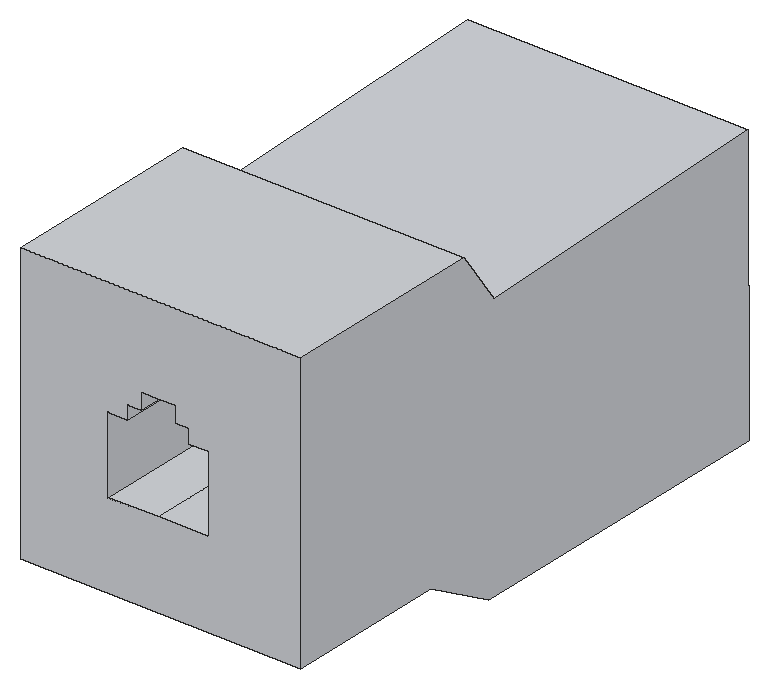
Revit family
Parameters
  Material ID = "760165670\r\n700206667"
  Description = "MGS400-245"
Reference planes (in)
  plane 1 "Center (Front/Back)": y = 0
  plane 2: z = 0
  plane 3 "Center (Left/Right)": x = 0
Forms (in)
  Extrusion 1, solid
    sketch origin (0, 0, 0) x (1, 0, 0) y (0, 0, 1)
      loop
        line (-0.33193, 0.385) -> (-0.33193, -0.385) -> (0.34352, -0.385) -> (0.34352, 0.385) -> (-0.33193, 0.385)
    from 0 to 1.344
  Extrusion 2, void
    sketch origin (0, 0, 0) x (1, 0, 0) y (0, 0, 1)
      loop
        line (0, 0.17601) -> (-0.04083, 0.17601) -> (-0.04083, 0.13795) -> (-0.07233, 0.13795) -> (-0.07233, 0.1048) -> (-0.1209, 0.1048) -> (-0.1209, -0.07934) -> (0, -0.07934) -> (0.1209, -0.07934) -> (0.1209, 0.1048) -> (0.07233, 0.1048) -> (0.07233, 0.13795) -> (0.04083, 0.13795) -> (0.04083, 0.17601) -> (0, 0.17601)
    from 0.88853 to 2.0504
  Extrusion 3, void
    sketch origin (0.34352, 0, 0.385) x (0, 0, 1) y (0, 1, 0)
      loop
        line (0, -0.85486) -> (0.35171, -0.88853) -> (0.35171, 0.14899) -> (-0.09507, 0.14899) -> (-0.12702, -0.76593) -> (0, -0.85486)
    from -0.58299 to 12
  Extrusion 4, void
    sketch origin (0.34352, 0, 0.385) x (0, 0, 1) y (0, 1, 0)
      loop
        line (-0.67014, -1.344) -> (-0.67014, -0.95355) -> (-0.77, -0.78058) -> (-0.77, -1.344) -> (-0.67014, -1.344)
    from 0 to 1.26323
Cuts and joins
  Extrusion 2, Extrusion 3, Extrusion 4 cuts Extrusion 1
